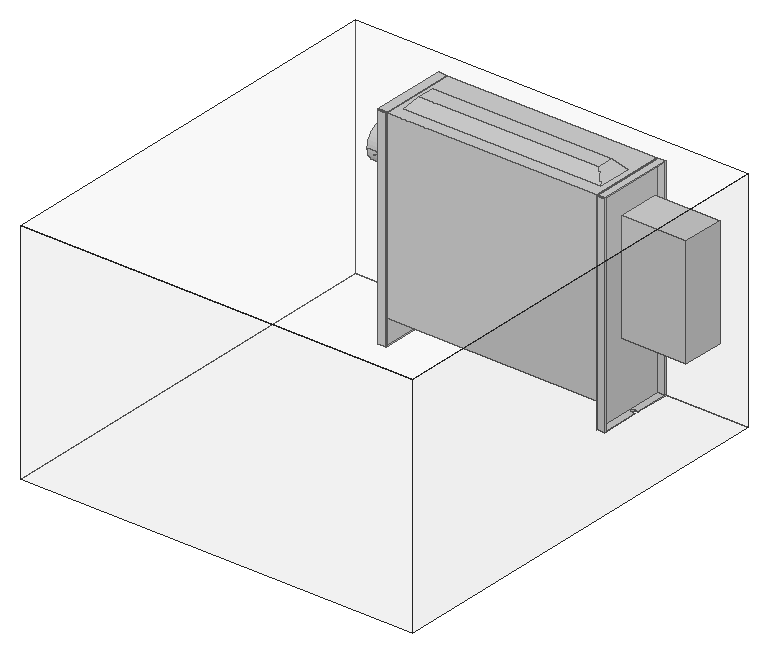
Revit family "pffy-p28_71lrmg9_60Hz", category 機械設備, Revit 2019
Family settings
  丸型コネクタ寸法 = 直径を使用
  パーツ タイプ = 標準
  OmniClass 番号 = 23.75.10.24.21.27.27
  OmniClass タイトル = Split System Air Conditioning Units
  作業面ベース = いいえ
  常に垂直 = はい
  ロード時にボイドで切り取り = いいえ
  共有 = いいえ
  部屋計算ポイント = いいえ
Parameters (values of type "PFFY-P28LRMG9")
  風量（弱）（m3／min） = 5.5
  風量（m3／min） = 6.5
  風量 = MAX風量  # 390.0 m³/h
  音響パワーレベル（弱）(dB) = 49
  音響パワーレベル(dB) = 54
  電源種別 = ""
  電圧_電気ヒーター = 0 V
  電圧 = 200 V
  電動機出力_送風機 = 0.02 kW
  運転質量 = 0.00 kg
  連動 = ""
  質量 = if(製品質量 > 運転質量, 製品質量, 運転質量) * 1.2  # 26.40 kg
  負荷分類 = 3_ファン類
  説明 = "ビル用マルチエアコン 床置埋込形　室内機"
  設計暖房能力 [instance] = 0 kW
  設計冷房能力_顕熱 [instance] = 0 kW
  設計冷房能力 [instance] = 0 kW
  設置方法 = "床置（隠ぺい）"
  記号 [instance] = ""
  製造元 = "三菱電機株式会社"
  製品質量 = 22.00 kg
  製品出荷対象 = "国内"
  製品リリース年月 = "2022年9月15日"
  製品グループ = ""
  系統 [instance] = ""
  符号 = "ACP-FIL"
  積算_科目 = "1 空気調和設備"
  積算_拾い区分 [instance] = ""
  相_電気ヒーター = 1
  相 = 1
  盤記号 [instance] = ""
  発停方法 = ""
  特殊仕様 [instance] = ""
  火災停止 = ""
  消費電力_電気ヒーター = 0 kW
  消費電力_暖房 = 0.05 kW
  消費電力_加湿器 = 0 kW
  消費電力_冷房 = 0.05 kW
  消費電力 = if(消費電力_冷房 > 消費電力_暖房, 消費電力_冷房, 消費電力_暖房) + 消費電力_加湿器 + 消費電力_電気ヒーター  # 0.05 kW
  法定耐用年数 = "15"
  機械基礎質量 [instance] = 0.00 kg
  機械基礎_W = 0 mm
  機械基礎_H = 0 mm
  機械基礎_D = 0 mm
  機械基礎 [instance] = no
  機外静圧 = 0.0 Pa
  極数 = 3
  材質 [instance] = ""
  本体マテリアル = none
  有効加湿量 = 0
  暖房能力 = 3.2 kW
  形式_加湿器 = ""
  形式 = "床置（隠ぺい）ローボーイ形"
  形名 = PFFY-P-LRMG : P28
  幹線記号 [instance] = ""
  始動方式 = "直入"
  呼称 = "室内機_床置(隠ぺい)ローボーイ形"
  周波数 = 60 Hz
  台数_手元リモコン [instance] = ""
  台数_冷媒分岐ユニット [instance] = ""
  参照している仕様書等のバージョン = "公共建築工事標準仕様書（機械設備工事編）平成31年度版"
  加湿給水管径 = 0.00 mm
  分類コード = "50053003221150"
  分類グループ = ""
  冷房能力 = 2.8 kW
  冷媒高低圧ガス管径 = 0.00 mm
  冷媒管径符号 = "Ac"
  冷媒管径 = 100.00 mm
  冷媒液管径 = 6.35 mm
  冷媒ガス管径 = 12.70 mm
  価格 = 0
  企業コード = "108420"
  付属品_フィルター = ""
  付属品 [instance] = ""
  仕様書バージョン = "Version1.0"
  モデル = "PFFY-P28LRMG9"
  ドレン管径 = 20.00 mm
  ダクト高 = 98 mm
  ダクト幅 = 572 mm
  コメント [instance] = ""
  Keynote = ""
  Width = 660 mm
  Version = ""
  Uniclass2015Version = "Systems v1.9"
  Uniclass2015Title = "Split coil remote air cooled condensing units"
  Uniclass2015Code = "Pr_70_65_03_84"
  URL = "https://www.mitsubishielectric.co.jp/ldg/wink/ssl/displayProduct.do?pid=317065"
  S寸法 = 0 mm
  SpecificationReference = ""
  SpecificationDescription = ""
  Revision = ""
  ProductInformation = ""
  OmniClassCode = "23-33 17 13 11"
  MIN風量 = 風量（弱）（m3／min） * 60.0 m³/h  # 330.0 m³/h
  MAX風量 = 風量（m3／min） * 60.0 m³/h  # 390.0 m³/h
  IfcTypeProduct = ""
  IfcProduct = ""
  IfcExportType = "AIRCONDITIONINGUNIT"
  IfcExportAs = "IfcUnitaryEquipmentType"
  Height = 639 mm
  Depth = 220 mm
  Clearance Top = 661 mm
  Clearance Right = 240 mm
  Clearance Left = 240 mm
  Clearance Front = 1000 mm
  Clearance Back = 0 mm
  Author = "三菱電機株式会社"
Types (5, lengths in mm): name | 風量（弱）（m3／min） | 風量（m3／min） | 風量 | 音響パワーレベル（弱）(dB) | 音響パワーレベル(dB) | 電動機出力_送風機 | 質量 | 製品質量 | 消費電力_暖房 | 消費電力_冷房 | 消費電力 | 暖房能力 | 形名 | 冷房能力 | 冷媒管径符号 | 冷媒液管径 | 冷媒ガス管径 | モデル | ダクト幅 | Width | URL | MIN風量 | MAX風量
  PFFY-P28LRMG9 | 5.5 | 6.5 | 390.0 m³/h | 49 | 54 | 0.02 kW | 26.40 kg | 22.00 kg | 0.05 kW | 0.05 kW | 0.05 kW | 3.2 kW | PFFY-P-LRMG : P28 | 2.8 kW | "Ac" | 6.35 | 12.70 | "PFFY-P28LRMG9" | 572 | 660 | "https://www.mitsubishielectric.co.jp/ldg/wink/ssl/displayProduct.do?pid=317065" | 330.0 m³/h | 390.0 m³/h
  PFFY-P36LRMG9 | 7 | 9 | 540.0 m³/h | 50 | 55 | 0.03 kW | 27.60 kg | 23.00 kg | 0.06 kW | 0.06 kW | 0.06 kW | 4 kW | PFFY-P-LRMG : P36 | 3.6 kW | "Ac" | 6.35 | 12.70 | "PFFY-P36LRMG9" | 692 | 780 | "https://www.mitsubishielectric.co.jp/ldg/wink/ssl/displayProduct.do?pid=317066" | 420.0 m³/h | 540.0 m³/h
  PFFY-P45LRMG9 | 9 | 11 | 660.0 m³/h | 52 | 58 | 0.035 kW | 30.00 kg | 25.00 kg | 0.07 kW | 0.07 kW | 0.07 kW | 5 kW | PFFY-P-LRMG : P45 | 4.5 kW | "Ac" | 6.35 | 12.70 | "PFFY-P45LRMG9" | 692 | 780 | "https://www.mitsubishielectric.co.jp/ldg/wink/ssl/displayProduct.do?pid=317067" | 540.0 m³/h | 660.0 m³/h
  PFFY-P56LRMG9 | 12 | 14 | 840.0 m³/h | 55 | 59 | 0.04 kW | 34.80 kg | 29.00 kg | 0.1 kW | 0.1 kW | 0.1 kW | 6.3 kW | PFFY-P-LRMG : P56 | 5.6 kW | "Ac" | 6.35 | 12.70 | "PFFY-P56LRMG9" | 932 | 1020 | "https://www.mitsubishielectric.co.jp/ldg/wink/ssl/displayProduct.do?pid=317068" | 720.0 m³/h | 840.0 m³/h
  PFFY-P71LRMG9 | 12 | 15.5 | 930.0 m³/h | 57 | 62 | 0.045 kW | 36.00 kg | 30.00 kg | 0.12 kW | 0.12 kW | 0.12 kW | 8 kW | PFFY-P-LRMG : P71 | 7.1 kW | "Bd" | 9.52 | 15.88 | "PFFY-P71LRMG9" | 932 | 1020 | "https://www.mitsubishielectric.co.jp/ldg/wink/ssl/displayProduct.do?pid=317069" | 720.0 m³/h | 930.0 m³/h
Reference planes
  plane 1: z = -150
  plane 2: z = 489
  plane 3: z = -150
  plane 4: z = 1150
  plane 5 "中心(正面/背面)": y = -110
  plane 6 "左": x = -330
  plane 7 "右": x = 330
  plane 8 "正面": y = -220
  plane 9 "背面": y = 0
  plane 10: x = 0
  plane 11: y = 0
  plane 12: y = -220
  plane 13: x = 330
  plane 14: y = 0
  plane 15: x = 570
  plane 16: x = -570
  plane 17: y = -1220
  plane 18: z = 511
  plane 19: x = -286
  plane 20: x = 286
  plane 21: x = -350
Dimensions and locks
  "Height": plane 1 to plane 2
  equal spacing: plane 8 "正面", plane 5 "中心(正面/背面)", plane 9 "背面"
  "Depth": plane 8 "正面" to plane 9 "背面"
  "S寸法": plane 9 "背面" to plane 11
  "S寸法": plane 12 to plane 8 "正面"
  "S寸法": plane 7 "右" to plane 13
  "Clearance Back": plane 9 "背面" to plane 14
  "Clearance Right": plane 7 "右" to plane 15
  "Clearance Left": plane 16 to plane 6 "左"
  "Clearance Front": plane 17 to plane 8 "正面"
  "ダクト幅": plane 19 to plane 20
  "Clearance Top": plane 18 to plane 3
  "Width": plane 6 "左" to plane 13
  equal spacing: plane 6 "左", plane 10, plane 13
  equal spacing: plane 19, plane 10, plane 20
  aligned and locked: plane 14 to nested 1
  aligned and locked: plane 1 to plane 3
  aligned and locked: plane 17 to nested 1
  aligned and locked: nested 1 to plane 18
  aligned and locked: plane 16 to nested 1
  aligned and locked: plane 15 to nested 1
Nested families
  nested 1: "サービススペース(PFFY-P-DMG)" at (0, -610, 180.5), type "サービススペース(PFFY-P-DMG)"
    with Width 1140 mm, Height 661 mm, Depth 1220 mm
  nested 2: "PFFY-P-LRMG" at (0, -110, -150), type <- "形名", type "P28"
    with 表示 yes, マテリアル2 none, マテリアル1 none
Connectors
  piping at (-350, -130, -140), diameter 20, driven by "ドレン管径"
    settings: on nested 2, index 1, connector inside diameter 609.60 mm, connector length 0 mm, flow factor 0, pipe flow 0.0 L/s, pressure drop 0.0 Pa, fitting loss kfactor 0, connector angle 0.00°, fixture units 0, engagement length 0 mm, angle of deflection 0.00°, flow configuration 1, flow direction 2, fitting loss method 4, system type 16, joint type 0, gender type 0, connector reference index -1, connector utility 0, adjustable connector no, is connector primary yes, connector description ""
  piping at (-410, -109.5, 305), diameter 100, driven by "冷媒管径", driven by "冷媒管径符号"
    settings: on nested 2, index 2, connector inside diameter 609.60 mm, connector length 0 mm, flow factor 0, pipe flow 0.0 L/s, pressure drop 0.0 Pa, fitting loss kfactor 0, connector angle 0.00°, fixture units 0, engagement length 0 mm, angle of deflection 0.00°, flow configuration 1, flow direction 1, fitting loss method 4, system type 7, joint type 0, gender type 0, connector reference index -1, connector utility 0, adjustable connector no, is connector primary no, connector description "Ac"
  hvac at (0, -133, 460), driven by "ダクト高", driven by "ダクト幅", driven by "風量"
    settings: on nested 2, index 3, duct flow 390.0 m³/h, flow factor 0, pres drop 0.0 Pa, loss coef 0, conn angle 0.00°, conn width 572 mm, conn height 98 mm, conn diameter 609.6 mm, duct sys type 29, conn prof type 1, flow config 0, flow direction 2, loss method 4, conn ref index -1, conn util no, is conn primary yes, conn desc ""
  electrical at (497, -74.014, 210), driven by "極数", driven by "負荷分類", driven by "電圧", driven by "消費電力"
    settings: on nested 2, index 4, voltage 200 V, apparent load 50 VA, apparent load phase1 0 VA, apparent load phase2 0 VA, apparent load phase3 0 VA, power factor 1, load classification "3_ファン類", number of poles 3, system type 30, power factor state 1, is connector primary yes, connector utility no, sub classification motor no, connector description ""
Definition of nested family "サービススペース(PFFY-P-DMG)"
  Parameters (values of type "サービススペース")
    Width [instance] = 500 mm
    Height [instance] = 500 mm
    Depth [instance] = 500 mm
  Reference planes
    plane 1 "中心(正面/背面)": y = 0
    plane 2: z = 0
    plane 3 "中心(左/右)": x = 0
    plane 4: y = -250
    plane 5: x = 250
    plane 6: y = 250
    plane 7: x = -250
    plane 8: z = 250
    plane 9: z = -250
  Forms (mm)
    Extrusion 1, solid
      sketch origin (-638.939, 0, 72.39) x (1, 0, 0) y (0, 1, 0)
        loop
          line (388.939, 250) -> (388.939, -250) -> (888.939, -250) -> (888.939, 250) -> (388.939, 250)
      from -322.39 to 177.61
  Lines and regions (mm)
    symbolic lines
      curve 1: line (-250, 0, 250) -> (250, 0, 250)
      curve 2: line (-250, 0, -250) -> (-250, 0, 250)
      curve 3: line (250, 0, -250) -> (-250, 0, -250)
      curve 4: line (250, 0, 250) -> (250, 0, -250)
      curve 5: line (0, -250, 250) -> (0, 250, 250)
      curve 6: line (0, -250, -250) -> (0, -250, 250)
      curve 7: line (0, 250, -250) -> (0, -250, -250)
      curve 8: line (0, 250, 250) -> (0, 250, -250)
      curve 9: line (-250, 250, 0) -> (250, 250, 0)
      curve 10: line (-250, -250, 0) -> (-250, 250, 0)
      curve 11: line (250, -250, 0) -> (-250, -250, 0)
      curve 12: line (250, 250, 0) -> (250, -250, 0)
  Dimensions and locks
    equal spacing: plane 7, plane 3 "中心(左/右)", plane 5
    equal spacing: plane 4, plane 1 "中心(正面/背面)", plane 6
    "Depth": plane 4 to plane 6
    "Width": plane 7 to plane 5
    equal spacing: plane 8, plane 2, plane 9
    "Height": plane 8 to plane 9
    aligned and locked: plane 9 to curve 3
    aligned and locked: plane 7 to curve 2
    aligned and locked: curve 4 to plane 5
    aligned and locked: plane 5 to Extrusion 1
    aligned and locked: Extrusion 1 to plane 7
    aligned and locked: Extrusion 1 to plane 9
    aligned and locked: plane 8 to Extrusion 1
    aligned and locked: plane 9 to curve 7
  Automatic sketch dimensions
    plane 4 to Extrusion 1 sketch curve = 0 mm
    Extrusion 1 sketch curve to plane 7 = 0 mm
    Extrusion 1 sketch curve to plane 5 = 0 mm
    plane 6 to Extrusion 1 sketch curve = 0 mm
    curve 2 to plane 8 = 0 mm
    plane 4 to curve 11 = 0 mm
    curve 11 to plane 7 = 0 mm
    curve 11 to plane 5 = 0 mm
    plane 6 to curve 10 = 0 mm
    curve 7 to plane 4 = 0 mm
    curve 7 to plane 6 = 0 mm
    curve 6 to plane 8 = 0 mm
Definition of nested family "PFFY-P-LRMG"
  Parameters (values of type "P28")
    表示 [instance] = yes
    冷媒配管（液） = 6.35 mm
    冷媒配管（ガス） = 12.7 mm
    冷媒径 = 100 mm
    マテリアル2 [instance] = none
    マテリアル1 [instance] = none
    ドレン径 = 34 mm  # constant formula
    G = 660 mm
    D = 610 mm
    C = 572 mm
    B = 640 mm
    A = 878 mm
  Types (5, lengths in mm): name | 冷媒配管（液） | 冷媒配管（ガス） | G | D | C | B | A
    P28 | 6.35 | 12.7 | 660 | 610 | 572 | 640 | 878
    P36 | 6.35 | 12.7 | 780 | 730 | 692 | 760 | 998
    P45 | 6.35 | 12.7 | 780 | 730 | 692 | 760 | 998
    P56 | 6.35 | 12.7 | 1020 | 970 | 932 | 1000 | 1238
    P71 | 9.52 | 15.88 | 1020 | 970 | 932 | 1000 | 1238
  Reference planes
    plane 1 "中心(正面/背面)": y = 0
    plane 2: z = 0
    plane 3 "中心(左/右)": x = 0
    plane 4: x = -330
    plane 5: x = 330
    plane 6: z = 75
    plane 7: y = 110
    plane 8: y = -110
    plane 9: z = 639
    plane 10: x = -286
    plane 11: x = 286
    plane 12: y = -72
    plane 13: x = -320
    plane 14: x = 320
    plane 15: x = 497
    plane 16 "配管-長さ": x = -410
    plane 17 "液-高さ": z = 430
    plane 18 "ガス-高さ": z = 480
    plane 19 "ガス-奥行": y = 10
    plane 20 "液-奥行": y = -25
    plane 21 "冷媒管径-奥行": y = 0.5
    plane 22 "冷媒管径-高さ": z = 455
    plane 23: x = -305
    plane 24: x = 305
    plane 25: x = -381
    plane 26 "ドレン-奥行": y = -20
    plane 27 "ドレン-高さ": z = 10
    plane 28: z = 610
    plane 29: y = 4
    plane 30: x = -350
  Forms (mm)
    Extrusion 1, solid, material <- "マテリアル1", visible <- "表示", detail levels fine
      sketch origin (-1437.329, -1524, 1748) x (-1, 0, 0) y (0, -1, 0)
        loop
          line (-1742.329, -1634) -> (-1132.329, -1634) -> (-1132.329, -1414) -> (-1742.329, -1414) -> (-1742.329, -1634)
      from -1673 to -1138
    Blend 2, solid, detail levels fine
      base sketch origin (-1437.329, -1524, 639) x (-1, 0, 0) y (0, -1, 0)
        loop
          line (-1151.329, -1550) -> (-1151.329, -1452) -> (-1723.329, -1452) -> (-1723.329, -1550) -> (-1151.329, -1550)
      top sketch origin (-1437.329, -1524, 639) x (-1, 0, 0) y (0, -1, 0)
        loop
          line (-1176.329, -1525) -> (-1176.329, -1477) -> (-1698.329, -1477) -> (-1698.329, -1525) -> (-1176.329, -1525)
      from -29 to 0
    Extrusion 3, solid, detail levels fine
      sketch origin (1480.036, 110, 2000) x (1, 0, 0) y (0, 0, -1)
        loop
          line (-1175.036, 2000) -> (-1175.036, 1390) -> (-1150.036, 1390) -> (-1150.036, 2000) -> (-1175.036, 2000)
        loop
          line (-1785.036, 2000) -> (-1810.036, 2000) -> (-1810.036, 1390) -> (-1785.036, 1390) -> (-1785.036, 2000)
      from 0 to -2
    Extrusion 4, solid, detail levels fine
      sketch origin (0, 0, 0) x (1, 0, 0) y (0, 1, 0)
        loop
          line (307, 110) -> (305, 110) -> (305, -110) -> (307, -110) -> (307, 110)
        loop
          line (-307, 110) -> (-307, -110) -> (-305, -110) -> (-305, 110) -> (-307, 110)
      from 0 to 610
    Extrusion 5, solid, detail levels fine
      sketch origin (1480.036, 110, 2000) x (1, 0, 0) y (0, 0, 1)
        loop
          line (-1175.036, -1998) -> (-1175.036, -2000) -> (-1150.036, -2000) -> (-1150.036, -1998) -> (-1175.036, -1998)
        loop
          line (-1785.036, -1998) -> (-1810.036, -1998) -> (-1810.036, -2000) -> (-1785.036, -2000) -> (-1785.036, -1998)
      from 0 to 220
    Extrusion 6, solid, detail levels fine
      sketch origin (1480.036, 110, 2637) x (1, 0, 0) y (0, 0, 1)
        loop
          line (-1175.036, -2027) -> (-1175.036, -2029) -> (-1150.036, -2029) -> (-1150.036, -2027) -> (-1175.036, -2027)
        loop
          line (-1785.036, -2027) -> (-1810.036, -2027) -> (-1810.036, -2029) -> (-1785.036, -2029) -> (-1785.036, -2027)
      from 0 to 220
    Extrusion 7, solid, detail levels fine
      sketch origin (1480.036, -108, 2000) x (1, 0, 0) y (0, 0, -1)
        loop
          line (-1175.036, 2000) -> (-1175.036, 1390) -> (-1150.036, 1390) -> (-1150.036, 2000) -> (-1175.036, 2000)
        loop
          line (-1785.036, 2000) -> (-1810.036, 2000) -> (-1810.036, 1390) -> (-1785.036, 1390) -> (-1785.036, 2000)
      from 0 to -2
    Extrusion 8, void
      sketch origin (0, 0, 0) x (1, 0, 0) y (0, 1, 0)
        loop
          line (-330, 10) -> (-330, -2) -> (-320, -2)
          spline (-320, -2) -> (-318.447, -1.796) -> (-317, -1.196) -> (-315.757, -0.243) -> (-314.804, 1) -> (-314.204, 2.447) -> (-314, 4) -> (-314.204, 5.553) -> (-314.804, 7) -> (-315.757, 8.243) -> (-317, 9.196) -> (-318.447, 9.796) -> (-320, 10)
          line (-320, 10) -> (-330, 10)
        loop
          line (330, 10) -> (320, 10)
          spline (320, 10) -> (318.447, 9.796) -> (317, 9.196) -> (315.757, 8.243) -> (314.804, 7) -> (314.204, 5.553) -> (314, 4) -> (314.204, 2.447) -> (314.804, 1) -> (315.757, -0.243) -> (317, -1.196) -> (318.447, -1.796) -> (320, -2)
          line (320, -2) -> (330, -2) -> (330, 10)
      from 0 to 50
    Extrusion 9, solid, detail levels fine
      sketch origin (0, 0, 0) x (1, 0, 0) y (0, 1, 0)
        loop
          line (307, 95.986) -> (307, -24.014) -> (497, -24.014) -> (497, 95.986) -> (307, 95.986)
      from 200 to 520
    Extrusion 10, solid, detail levels fine
      sketch origin (-307, 110, 29) x (0, -1, 0) y (0, 0, 1)
        loop
          circle (100, 451) r 6.35
        loop
          circle (135, 401) r 3.175
      from 0 to 103
    Extrusion 11, solid, detail levels fine
      sketch origin (-307, 110, 29) x (0, -1, 0) y (0, 0, 1)
        loop
          circle (109.5, 426) r 50
      from 0 to 103
    Extrusion 12, solid, detail levels fine
      sketch origin (-1437.329, -1524, 10) x (-1, 0, 0) y (0, -1, 0)
        loop
          circle (-1087.329, -1504) r 10
      from 0 to 250
  Cuts and joins
    joined: Extrusion 3, Extrusion 4, Extrusion 6
    Extrusion 8 cuts Extrusion 5
    joined: Extrusion 5, Extrusion 7
  Dimensions and locks
    "G": plane 4 to plane 5
    plane 8 to plane 7 = 220 mm
    plane 8 to plane 12 = 38 mm
    equal spacing: plane 4, plane 3 "中心(左/右)", plane 5
    "B": plane 13 to plane 14
    equal spacing: plane 13, plane 3 "中心(左/右)", plane 14
    "C": plane 10 to plane 11
    equal spacing: plane 10, plane 3 "中心(左/右)", plane 11
    locked: plane 5 to plane 15 at 167
    locked: plane 17 "液-高さ" to level at 430
    locked: plane 18 "ガス-高さ" to plane 17 "液-高さ" at 50
    locked: plane 16 "配管-長さ" to plane 4 at 80
    "D": plane 23 to plane 24
    equal spacing: plane 23, plane 3 "中心(左/右)", plane 24
    "A": plane 25 to plane 15
    locked: plane 8 to plane 26 "ドレン-奥行" at 90
    plane 29 to plane 7 = 106 mm
    locked: plane 30 to plane 23 at 45
    "冷媒径": diameter of Extrusion 11 sketch curve
    diameter of Extrusion 12 sketch curve = 20 mm
    "冷媒配管（ガス）": diameter of Extrusion 10 sketch curve
    "冷媒配管（液）": diameter of Extrusion 10 sketch curve
    aligned and locked: level to plane 2
    aligned and locked: Extrusion 1 to plane 6
    aligned and locked: plane 10 to Blend 2 sketch curve
    aligned and locked: Blend 2 sketch curve to plane 11
    aligned and locked: Blend 2 sketch curve to plane 12
    aligned and locked: Extrusion 5 sketch curve to cut or joined group of Extrusion 3, Extrusion 4, Extrusion 6
    aligned and locked: plane 8 to Extrusion 5
    aligned and locked: Extrusion 11 to plane 16 "配管-長さ"
    aligned and locked: Extrusion 10 to plane 16 "配管-長さ"
    aligned and locked: plane 23 to Extrusion 4 sketch curve
    aligned and locked: plane 24 to Extrusion 4 sketch curve
    aligned and locked: plane 13 to nested 1
    aligned and locked: plane 14 to nested 1
    aligned and locked: Blend 2 to plane 28
    aligned and locked: plane 9 to Blend 2
    aligned and locked: plane 28 to Extrusion 1
    aligned and locked: Extrusion 4 to Extrusion 1
    aligned and locked: Extrusion 3 to Extrusion 1
    aligned and locked: Extrusion 1 to Extrusion 3
    aligned and locked: plane 29 to nested 1
  Automatic sketch dimensions
    plane 8 to Extrusion 1 sketch curve = 0 mm
    plane 7 to Extrusion 1 sketch curve = 0 mm
    Extrusion 1 sketch curve to plane 14 = 15 mm
    plane 13 to Extrusion 1 sketch curve = 15 mm
    Extrusion 3 sketch curve to level = 0 mm  (x2)
    Extrusion 3 sketch curve to plane 4 = 0 mm
    Extrusion 3 sketch curve to plane 9 = 29 mm  (x2)
    Extrusion 3 sketch curve to plane 5 = 0 mm
    plane 13 to Extrusion 3 sketch curve = 15 mm
    Extrusion 3 sketch curve to plane 14 = 15 mm
    plane 7 to Extrusion 4 sketch curve = 0 mm  (x2)
    plane 8 to Extrusion 4 sketch curve = 0 mm  (x2)
    Extrusion 4 sketch curve to Extrusion 4 sketch curve = 2 mm  (x2)
    Extrusion 5 sketch curve to plane 4 = 0 mm
    Extrusion 5 sketch curve to level = 0 mm  (x2)
    plane 13 to Extrusion 5 sketch curve = 15 mm
    Extrusion 5 sketch curve to plane 14 = 15 mm
    level to Extrusion 5 sketch curve = 2 mm  (x2)
    Extrusion 6 sketch curve to plane 4 = 0 mm
    Extrusion 6 sketch curve to plane 9 = 29 mm  (x2)
    Extrusion 6 sketch curve to plane 5 = 0 mm
    Extrusion 6 sketch curve to plane 9 = 31 mm  (x2)
    plane 13 to Extrusion 6 sketch curve = 15 mm
    Extrusion 6 sketch curve to plane 14 = 15 mm
    Extrusion 7 sketch curve to level = 0 mm  (x2)
    Extrusion 7 sketch curve to plane 4 = 0 mm
    Extrusion 7 sketch curve to plane 9 = 29 mm  (x2)
    Extrusion 7 sketch curve to plane 5 = 0 mm
    plane 13 to Extrusion 7 sketch curve = 15 mm
    Extrusion 7 sketch curve to plane 14 = 15 mm
    Extrusion 9 sketch curve to plane 5 = 23 mm
    Extrusion 9 sketch curve to plane 15 = 0 mm
    plane 1 "中心(正面/背面)" to Extrusion 9 sketch curve = 24.014 mm
    plane 7 to Extrusion 9 sketch curve = 14.014 mm
    Extrusion 8 sketch curve to plane 4 = 0 mm
    Extrusion 8 sketch curve to plane 13 = 0 mm
    Extrusion 8 sketch curve to plane 14 = 0 mm
    Extrusion 8 sketch curve to plane 5 = 0 mm
    Extrusion 8 sketch curve to plane 1 "中心(正面/背面)" = 4 mm  (x2)
    plane 1 "中心(正面/背面)" to Extrusion 8 sketch curve = 2 mm  (x2)
    plane 26 "ドレン-奥行" to Extrusion 12 sketch curve = 0 mm
    Blend 2 sketch curve to plane 21 "冷媒管径-奥行" = 0.5 mm
    Blend 2 sketch curve to plane 11 = 25 mm
    plane 10 to Blend 2 sketch curve = 25 mm
    plane 20 "液-奥行" to Blend 2 sketch curve = 22 mm
    plane 25 to Extrusion 12 sketch curve = 31 mm
    Blend 2 sketch curve to plane 19 "ガス-奥行" = 16 mm
    Extrusion 4 to Extrusion 10 sketch curve = 100 mm
    Extrusion 10 sketch curve to Extrusion 10 sketch curve = 35 mm
    Extrusion 4 to Extrusion 10 sketch curve = 180 mm
    Extrusion 10 sketch curve to Extrusion 10 sketch curve = 50 mm
    Extrusion 4 to Extrusion 11 sketch curve = 109.5 mm
    Extrusion 4 to Extrusion 11 sketch curve = 155 mm
  Nested families
    nested 1: "固定点" at (-320, 4, 0), visible <- "表示", type "固定点", detail levels fine
      with W 640 mm, D 300 mm
  Definition of nested family "固定点"
    Parameters (values of type "固定点")
      中心円 = 12 mm
      W [instance] = 1000 mm
      D [instance] = 1000 mm
    Reference planes
      plane 1 "中心(正面/背面)": y = 0
      plane 2: z = 0
      plane 3 "中心(左/右)": x = 0
      plane 4: x = 1000
    Lines and regions (mm)
      symbolic lines, detail levels fine
        curve 1: circle (0, 0, 0) r 6 normal (0, 0, 1)
        curve 2: circle (1000, 0, 0) r 6 normal (0, 0, 1)
        curve 3: line (-200, 0, 0) -> (1200, 0, 0)
    Dimensions and locks
      "W": plane 3 "中心(左/右)" to plane 4
      "中心円": diameter of curve 1
      "中心円": diameter of curve 2
      aligned and locked: level to plane 2
      aligned and locked: plane 3 "中心(左/右)" to curve 1
      aligned and locked: plane 1 "中心(正面/背面)" to curve 1
      aligned and locked: plane 1 "中心(正面/背面)" to curve 2
      aligned and locked: plane 4 to curve 2
      aligned and locked: plane 1 "中心(正面/背面)" to curve 3
    Automatic sketch dimensions
      curve 3 to plane 3 "中心(左/右)" = 200 mm
      curve 2 to curve 3 = 200 mm
